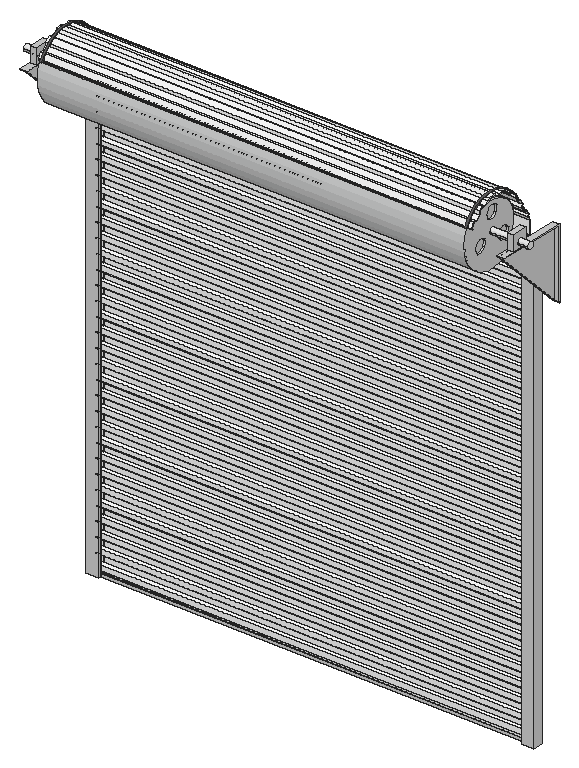
Revit family "Doors_Industrial_Overhead-Door-Corporation_ProStar-Rolling-Steel-Sheet-Doors-780CD_", category Specialty Equipment, host Wall, Revit 2019
Family settings
  Host = Wall
  Round Connector Dimension = Use Diameter
  Part Type = Normal
  OmniClass Number = 23.30.10.21.34
  OmniClass Title = Industrial Doors
  Always vertical = Yes
  Cut with Voids When Loaded = No
  Shared = No
  Room Calculation Point = No
Parameters (values of type "‏​Manual push-up")
  True Opening Width [instance] = Clear Width  # 100"
  True Opening Height [instance] = Clear Height  # 100"
  Slat Height = 3 91/256" * 3  # 10 17/256"
  Product Page URL = "https://www.overheaddoor.com/rolling-steel-sheet-doors-780cd"
  Slat Length [instance] = [Opening Width (Real)] + 1/4" * 2 + 1 77/256" * 2  # 103 13/128"
  Opening Width [instance] = 100"
  Opening Height [instance] = 100"
  Min Opening Width [instance] = 96"  # constant formula
  Min Opening Height [instance] = 96"  # constant formula
  Max Opening Width [instance] = 192"  # constant formula
  Max Opening Height [instance] = 192"  # constant formula
  Headroom Height [instance] = 22"  # constant formula
  Opening Width (Real) [instance] = if(Opening Width < Min Opening Width, Min Opening Width, if(Opening Width > Max Opening Width, Max Opening Width, Opening Width))  # 100"
  Opening Height (Real) [instance] = if(Opening Height < Min Opening Height, Min Opening Height, if(Opening Height > Max Opening Height, Max Opening Height, Opening Height))  # 100"
  URL = "https://www.overheaddoor.com/"
  Product data url = "https://www.bimobject.com/overhead-door/product/rolling-steel-sheet-doors-780cd"
  Product Guid = "8ccebe07-a271-479c-8dcb-95e84ee5aac9"
  Model = "780CD"  # constant formula
  Manufacturer = "Overhead Door Corporation"  # constant formula
  Wall Closure = By host
  Floor To (CL) of Shaft [instance] = [Opening Height (Real)] + 13 95/128"  # 113 95/128"
  Finish Material = Metal - Overhead Door - Galvanized Steel
  Description = "MODEL 780CD COMMERCIAL ROLLING SHEET DOOR"  # constant formula
  Curtain Material [instance] = Steel - Overhead Door - White
  Connection Offset [instance] = [Floor To (CL) of Shaft] - Array Length - 1 3/16" + 1/256"  # 11 229/256"
  Clear Width [instance] = [Opening Width (Real)]  # 100"
  Clear Height [instance] = [Opening Height (Real)]  # 100"
  Chain Hoist = no
  Backroom Depth [instance] = 20"  # constant formula
  Array Length [instance] = (Array) * Slat Height  # 100 85/128"
  Array [instance] = rounddown(([Opening Height (Real)] - 1 3/16" + 11 145/256") / Slat Height)  # 10
Types (2): name | Chain Hoist
  ‏​Manual push-up | no
  Chain Hoist | yes
Reference planes (in)
  plane 1 "Center (Front/Back)": y = 0
  plane 2 "Center (Left/Right)": x = 0
  plane 3 "Left": x = -50
  plane 4 "Right": x = 50
  plane 5 "Exterior": y = 1.5
  plane 6 "Interior": y = -4.5
  plane 7: x = 50
  plane 8: x = -50
  plane 9: z = 100
  plane 10 "Top": z = 122
  plane 11 "Main": y = -5.75
  plane 12: y = -24.5
  plane 13 "Main Door Block": y = -4.5
  plane 14: z = 47.47
  plane 15 "Bottom Bar": z = 1.1875
  plane 16: x = 52.5
  plane 17: x = -52.5
  plane 18: y = -5.253
  plane 19: y = -6.048
  plane 20: z = 101.85156
  plane 21: z = 113.74219
  plane 22: z = 11.25391
Lines and regions (in)
  Opening 1
    outline origin (-90, -4.5, 0) x (1, 0, 0) y (0, 0, 1)
      loop
        line (40, 0) -> (140, 0) -> (140, 100) -> (40, 100) -> (40, 0)
Text (in)
  text "Exterior" at (-74.96733, 27.31104, 0), in view "Ref. Level"
  text "Interior" at (-74.96733, -25.14366, 0), in view "Ref. Level"
  text "Exterior" at (0, 40.15149, 123.01588), in view "Right"
  text "Interior" at (0, -64.39139, 123.01588), in view "Right"
  text "Interior" at (0, -31.01599, 123.00693), in view "Left"
  text "Exterior" at (0, 54.57065, 123.00693), in view "Left"
Dimensions and locks (in)
  equal spacing: plane 3 "Left", plane 2 "Center (Left/Right)", plane 4 "Right"
  level to host wall = 459.59655"
  "Opening Height (Real)": level to plane 9
  plane 8 to plane 2 "Center (Left/Right)" to plane 7 = 50", 50"
  "Headroom Height": plane 9 to plane 10 "Top"
  locked: plane 13 "Main Door Block" to plane 11 "Main" at 1.25
  locked: plane 1 "Center (Front/Back)" to plane 6 "Interior" at 4.5
  locked: plane 8 to plane 17 at 2.5
  locked: plane 16 to plane 7 at 2.5
  locked: plane 5 "Exterior" to plane 1 "Center (Front/Back)" at 1.5
  equal spacing: plane 7, plane 2 "Center (Left/Right)", plane 8
  locked: plane 18 to plane 11 "Main" at 0.497
  "Opening Width (Real)": plane 7 to plane 8
  "Backroom Depth": plane 12 to plane 6 "Interior"
  locked: plane 11 "Main" to plane 19 at 0.298
  plane 19 to plane 11 "Main" = 0.298"
  locked: plane 15 "Bottom Bar" to level at 1.1875
  "Array Length": plane 20 to plane 15 "Bottom Bar"
  "Floor To (CL) of Shaft": plane 21 to level
  "Slat Height": plane 22 to plane 15 "Bottom Bar"
  equal spacing: group 1, group 2, group 3, group 4, group 5, group 6, group 7, group 8, group 9, group 10  (x3)
  plane 21 to plane 9 = 13 95/128"
  locked: plane 12 to nested 3 at 8.418
  locked: plane 12 to nested 13 at 8.257
  aligned and locked: Opening 1 sketch curve to level
  aligned and locked: plane 5 "Exterior" to host wall
  aligned and locked: host wall to plane 6 "Interior"
  aligned and locked: plane 8 to Opening 1 sketch curve
  aligned and locked: plane 7 to Opening 1 sketch curve
  aligned and locked: Opening 1 sketch curve to plane 9
  aligned and locked: plane 13 "Main Door Block" to plane 6 "Interior"
  aligned and locked: plane 21 to nested 3
  aligned and locked: plane 2 "Center (Left/Right)" to nested 3
  aligned and locked: plane 15 "Bottom Bar" to nested 2
  aligned and locked: plane 22 to nested 4
  aligned and locked: plane 19 to nested 2
  aligned and locked: plane 19 to nested 4
  aligned and locked: plane 2 "Center (Left/Right)" to nested 2
  aligned and locked: plane 2 "Center (Left/Right)" to nested 4
  aligned and locked: nested 1 to plane 6 "Interior"
  aligned and locked: level to nested 1
  aligned and locked: nested 1 to plane 2 "Center (Left/Right)"
  aligned and locked: plane 7 to nested 13
  aligned and locked: plane 21 to nested 13
Nested families (in)
  nested 1: "Lifts" at (0, -4.5, 0) x (-1, 0, 0) z (0, 0, 1), type "Frame Unit"
  nested 2: "Slat" at (0, -6.048, 1.1875), type "Slat"
  nested 3: "Top Slat" at (0, -16.082, 113.74219), type "Top Slat"
  nested 4: "Slat" at (0, -6.048, 11.25391), type "Slat"
  nested 5: "Slat" at (0, -6.048, 21.32031), type "Slat"
  nested 6: "Slat" at (0, -6.048, 31.38672), type "Slat"
  nested 7: "Slat" at (0, -6.048, 41.45313), type "Slat"
  nested 8: "Slat" at (0, -6.048, 51.51953), type "Slat"
  nested 9: "Slat" at (0, -6.048, 61.58594), type "Slat"
  nested 10: "Slat" at (0, -6.048, 71.65234), type "Slat"
  nested 11: "Slat" at (0, -6.048, 81.71875), type "Slat"
  nested 12: "Slat" at (0, -6.048, 91.78516), type "Slat"
  nested 13: "Operator" at (50, -16.243, 113.74219), type "Family1"
Definition of nested family "Lifts"
  Parameters (values of type "Frame Unit")
    Shaft Radius = 3/4"  # constant formula
    Shaft Material = none
    Setback = 1/4"  # constant formula
    Right Shaft Offset = 10"
    Resin Support Outter Radius = 8.257"  # constant formula
    Resin Support Inner Radius = 8.187"  # constant formula
    Resin Stopper Radius = 1 1/2"  # constant formula
    Resin Elements Material = none
    Opening Width = 100"
    Resin Muft Offset = 2.141"  # constant formula
    Muft Outter Radius = 8.257"  # constant formula
    Muft Inner Radius = 6 3/8"  # constant formula
    Left Shaft Offset = 10"
    J Offset = 11.743"  # constant formula
    Headroom Height = 22"
    Header Width = 20"
    H = 12.243"  # constant formula
    Guide Width R Real = Guid Width + Setback  # 3 1/4"
    Guide Width L Real = Guid Width + Setback  # 3 1/4"
    Guid Width = 3"  # constant formula
    Opening Height = 100"
    Floor To (CL) of Shaft = Opening Height + 13.742"  # 113.742"
    Finish Material = none
    Analytic Construction = "<None>"
  Reference planes (in)
    plane 1 "Center (Front/Back)": y = 0
    plane 2: z = 0
    plane 3 "Center (Left/Right)": x = 0
    plane 4 "Left": x = -50
    plane 5 "Right": x = 50
    plane 6 "Opening Height": z = 100
    plane 7: x = -60
    plane 8: x = 60
    plane 9: z = 122
    plane 10: y = 20
    plane 11: x = -25
    plane 12: x = 25
    plane 13: z = 113.742
    plane 14: y = 11.743
    plane 15: x = -51.55
    plane 16: x = 51.55
    plane 17: x = 53.25
    plane 18: x = -53.25
    plane 19: z = 112.243
    plane 20: x = 57
    plane 21: x = 50.75
    plane 22: x = -50.75
  Forms (in)
    Extrusion 1, solid, material <- "Finish Material"
      sketch origin (0, 0, 0) x (1, 0, 0) y (0, 1, 0)
        loop
          line (-53.25, 0) -> (-50.375, 0)
          arc (-50.375, 0) -> (-50.28661, 0.03661) -> (-50.25, 0.125) r 0.125
          line (-50.25, 0.125) -> (-50.25, 0.625)
          arc (-50.25, 0.625) -> (-50.26831, 0.66919) -> (-50.3125, 0.6875) r 0.0625
          line (-50.3125, 0.6875) -> (-51.55, 0.6875) -> (-51.55, 1.78125) -> (-50.325, 1.78125)
          arc (-50.325, 1.78125) -> (-50.27197, 1.80322) -> (-50.25, 1.85625) r 0.075
          line (-50.25, 1.85625) -> (-50.25, 2.21875)
          arc (-50.25, 2.21875) -> (-50.28661, 2.30714) -> (-50.375, 2.34375) r 0.125
          line (-50.375, 2.34375) -> (-53.25, 2.34375) -> (-53.25, 0)
        loop
          line (53.25, 0) -> (53.25, 2.34375) -> (50.3625, 2.34375)
          arc (50.3625, 2.34375) -> (50.28295, 2.3108) -> (50.25, 2.23125) r 0.1125
          line (50.25, 2.23125) -> (50.25, 1.85625)
          arc (50.25, 1.85625) -> (50.27197, 1.80322) -> (50.325, 1.78125) r 0.075
          line (50.325, 1.78125) -> (51.55, 1.78125) -> (51.55, 0.6875) -> (50.3125, 0.6875)
          arc (50.3125, 0.6875) -> (50.26831, 0.66919) -> (50.25, 0.625) r 0.0625
          line (50.25, 0.625) -> (50.25, 0.125)
          arc (50.25, 0.125) -> (50.28661, 0.03661) -> (50.375, 0) r 0.125
          line (50.375, 0) -> (53.25, 0)
      from 100 to 0
    Extrusion 2, solid, material <- "Finish Material"
      sketch origin (0, 0, 0) x (0, 1, 0) y (0, 0, 1)
        loop
          line (2.0625, 1) -> (2.0625, 1.1875) -> (1.45087, 1.1875) -> (1.45087, 2.125) -> (-0.15187, 2.125) -> (-0.3125, 1.96437) -> (-0.3125, 1.34813) -> (-0.15187, 1.1875) -> (0, 1.1875) -> (0, 1) -> (2.0625, 1)
      from -51.55 to 51.55
    Extrusion 3, solid, material <- "Finish Material"
      sketch origin (0, 0, 0) x (0, 1, 0) y (0, 0, 1)
        loop
          line (0.73437, 1) -> (0.73437, 0) -> (1.73437, 0) -> (1.73437, 1) -> (0.73437, 1)
      from -51.55 to 51.55
    Extrusion 4, solid, material <- "Shaft Material"
      sketch origin (0, 0, 0) x (0, 1, 0) y (0, 0, 1)
        loop
          circle (11.743, 113.742) r 0.75
      from -60 to 60
    Extrusion 5, solid, material <- "Finish Material"
      sketch origin (-53.25, 0, 100) x (0, 0, 1) y (0, -1, 0)
        loop
          line (12.243, -13.568) -> (15.893, -13.568) -> (15.893, -9.918) -> (12.243, -9.918) -> (12.243, 0) -> (-4.5, 0) -> (12.243, -16.743) -> (12.243, -13.568)
      from -4.25 to -2.75
    Extrusion 6, solid, material <- "Finish Material"
      sketch origin (53.25, 0, 100) x (0, 0, 1) y (0, -1, 0)
        loop
          line (12.243, -13.568) -> (15.893, -13.568) -> (15.893, -9.918) -> (12.243, -9.918) -> (12.243, 0) -> (-4.5, 0) -> (12.243, -16.743) -> (12.243, -13.568)
      from 4.25 to 2.75
    Extrusion 7, void
      sketch origin (0, 0, 0) x (1, 0, 0) y (0, 1, 0)
        loop
          line (50, -0.3125) -> (51.55, -0.3125) -> (51.55, 0.125) -> (50, 0.125) -> (50, -0.3125)
        loop
          line (-50, -0.3125) -> (-50, 0.125) -> (-51.55, 0.125) -> (-51.55, -0.3125) -> (-50, -0.3125)
      from 0 to 2.125
    Extrusion 8, solid, material <- "Finish Material"
      sketch origin (0, 11.743, 113.742) x (0, 0.906308, 0.422618) y (0, -0.422618, 0.906308)
        loop
          arc (6.375, 0) -> (0, 6.375) -> (-6.375, 0) r 6.375
          line (-6.375, 0) -> (-8.257, 0)
          arc (-8.257, 0) -> (0, -8.257) -> (8.257, 0) r 8.257
          line (8.257, 0) -> (6.375, 0)
        loop
          circle (1.658, 3.5556) r 1.625
        loop
          circle (2.25024, -3.21367) r 1.625
        loop
          circle (-3.90824, -0.34193) r 1.625
      from 50.75 to -50.75
    Extrusion 9, solid, material <- "Finish Material"
      sketch origin (0, 0, 0) x (0, 1, 0) y (0, 0, 1)
        loop
          circle (11.743, 113.742) r 6.375
      from -50 to 50
    Extrusion 10, void
      sketch origin (53.25, 0, 100) x (0, 0, 1) y (-1, 0, 0)
        loop
          line (11.963, -3.03) -> (-4.5, -3.03) -> (-4.5, -4.25) -> (11.963, -4.25) -> (11.963, -3.03)
        loop
          line (15.893, -4.25) -> (15.893, -4.1749) -> (12.243, -4.1749) -> (12.243, -4.25) -> (15.893, -4.25)
        loop
          line (15.893, -2.75) -> (12.243, -2.75) -> (12.243, -2.8251) -> (15.893, -2.8251) -> (15.893, -2.75)
      from -0.28 to -16.743
    Extrusion 11, void
      sketch origin (-53.25, 0, 100) x (0, 0, -1) y (-1, 0, 0)
        loop
          line (-11.963, 3.03) -> (4.5, 3.03) -> (4.5, 4.25) -> (-11.963, 4.25) -> (-11.963, 3.03)
        loop
          line (-15.893, 4.25) -> (-15.893, 4.1749) -> (-12.243, 4.1749) -> (-12.243, 4.25) -> (-15.893, 4.25)
        loop
          line (-15.893, 2.75) -> (-12.243, 2.75) -> (-12.243, 2.8251) -> (-15.893, 2.8251) -> (-15.893, 2.75)
      from 0.28 to 16.743
    Sweep 12, solid, material <- "Resin Elements Material"
      path origin (0, 0, 0) x (0, 1, 0) y (0, 0, 1)
        loop
          line (0.6875, 0) -> (0.6875, 111.601) -> (4.73157, 118.10295)
          arc (4.73157, 118.10295) -> (12.2385, 121.98412) -> (19.22638, 117.23156) r 8.257
      profile origin (0, 0.6875, 55.8005) x (0, -1, 0) y (1, 0, 0)
        loop
          line (0, 50.25) -> (0, 50.75) -> (-0.07, 50.75) -> (-0.07, 50.25) -> (0, 50.25)
        loop
          line (0, -50.25) -> (-0.07, -50.25) -> (-0.07, -50.75) -> (0, -50.75) -> (0, -50.25)
  Cuts and joins
    Extrusion 11 cuts Extrusion 5
    Extrusion 10 cuts Extrusion 6
    joined: Extrusion 5, Extrusion 6
    Extrusion 7 cuts Extrusion 2
  Lines and regions (in)
    Masking region 1
      outline origin (0, 0, 0) x (1, 0, 0) y (0, 1, 0)
        loop
          line (-51.55, 2.34375) -> (-53.25, 2.34375) -> (-53.25, 0) -> (-51.55, 0) -> (-51.55, 2.34375)
        loop
          line (51.55, 2.34375) -> (51.55, 0) -> (53.25, 0) -> (53.25, 2.34375) -> (51.55, 2.34375)
    Masking region 2
      outline origin (0, 0, 0) x (1, 0, 0) y (0, 1, 0)
        loop
          line (60, 10.993) -> (60, 12.493) -> (57.4249, 12.493) -> (57.4249, 13.568) -> (56.0751, 13.568) -> (56.0751, 12.493) -> (51.55, 12.493) -> (51.55, 10.993) -> (56.0751, 10.993) -> (56.0751, 9.918) -> (57.4249, 9.918) -> (57.4249, 10.993) -> (60, 10.993)
        loop
          line (-60, 10.993) -> (-57.4249, 10.993) -> (-57.4249, 9.918) -> (-56.0751, 9.918) -> (-56.0751, 10.993) -> (-51.55, 10.993) -> (-51.55, 12.493) -> (-56.0751, 12.493) -> (-56.0751, 13.568) -> (-57.4249, 13.568) -> (-57.4249, 12.493) -> (-60, 12.493) -> (-60, 10.993)
    Masking region 3
      outline origin (0, 0, 0) x (1, 0, 0) y (0, 1, 0)
        loop
          line (-56, 0) -> (-56, 16.743) -> (-57.5, 16.743) -> (-57.5, 0) -> (-56, 0)
        loop
          line (56, 16.743) -> (56, 0) -> (57.5, 0) -> (57.5, 16.743) -> (56, 16.743)
    Masking region 4
      outline origin (0, 0, 0) x (1, 0, 0) y (0, 1, 0)
        loop
          line (-53.25, 2.34375) -> (-53.25, 0) -> (-50.375, 0)
          arc (-50.375, 0) -> (-50.28661, 0.03661) -> (-50.25, 0.125) r 0.125
          line (-50.25, 0.125) -> (-50.25, 0.625)
          arc (-50.25, 0.625) -> (-50.26831, 0.66919) -> (-50.3125, 0.6875) r 0.0625
          line (-50.3125, 0.6875) -> (-51.55, 0.6875) -> (-51.55, 1.78125) -> (-50.75, 1.78125) -> (-50.75, 2.34375) -> (-53.25, 2.34375)
        loop
          line (53.25, 2.34375) -> (50.75, 2.34375) -> (50.75, 1.78125) -> (51.55, 1.78125) -> (51.55, 0.6875) -> (50.3125, 0.6875)
          arc (50.3125, 0.6875) -> (50.26831, 0.66919) -> (50.25, 0.625) r 0.0625
          line (50.25, 0.625) -> (50.25, 0.125)
          arc (50.25, 0.125) -> (50.28661, 0.03661) -> (50.375, 0) r 0.125
          line (50.375, 0) -> (53.25, 0) -> (53.25, 2.34375)
    Masking region 5
      outline origin (0, 0, 0) x (1, 0, 0) y (0, 1, 0)
        loop
          line (-50.75, 19.22638) -> (-50.75, 0.6875) -> (-50.25, 0.6875) -> (-50.25, 19.22638) -> (-50.75, 19.22638)
        loop
          line (50.25, 0.6875) -> (50.75, 0.6875) -> (50.75, 19.22638) -> (50.25, 19.22638) -> (50.25, 0.6875)
    reference lines
      curve 1: line (53.25, 0, 100) -> (53.25, 0, 109.583)
      curve 2: line (-53.25, 0, 100) -> (-53.25, 0, 109.583)
      curve 3: line (0, 11.743, 113.742) -> (0, 20, 117.5923)
    symbolic lines
      curve 4: line (56.0751, 9.918, 0) -> (56.0751, 13.568, 0)
      curve 5: line (57.4249, 13.568, 0) -> (57.4249, 9.918, 0)
      curve 6: line (-57.4249, 9.918, 0) -> (-57.4249, 13.568, 0)
      curve 7: line (-56.0751, 13.568, 0) -> (-56.0751, 9.918, 0)
  Dimensions and locks (in)
    equal spacing: plane 4 "Left", plane 3 "Center (Left/Right)", plane 5 "Right"
    "Opening Width": plane 4 "Left" to plane 5 "Right"
    "Opening Height": plane 6 "Opening Height" to level
    "Guide Width L Real": Extrusion 1 sketch curve to plane 4 "Left"
    locked: Extrusion 1 sketch curve to Extrusion 1 sketch curve at 2.34375
    "Headroom Height": plane 9 to plane 6 "Opening Height"
    plane 10 to plane 1 "Center (Front/Back)" = 20"
    "Header Width": plane 10 to plane 1 "Center (Front/Back)"
    locked: Extrusion 1 sketch curve to Extrusion 1 sketch curve at 0.5625
    locked: Extrusion 1 sketch curve to Extrusion 1 sketch curve at 0.6875
    locked: Extrusion 3 sketch curve to level at 1
    locked: Extrusion 2 sketch curve to level at 2.125
    locked: Extrusion 2 sketch curve to level at 1.1875
    locked: Extrusion 2 sketch curve to Extrusion 2 sketch curve at 1.125
    locked: Extrusion 2 sketch curve to Extrusion 2 sketch curve at 0.16063  (x2)
    locked: Extrusion 7 sketch curve to plane 1 "Center (Front/Back)" at 0.3125  (x2)
    locked: plane 1 "Center (Front/Back)" to Extrusion 7 sketch curve at 0.125
    equal spacing: plane 4 "Left", plane 11, plane 3 "Center (Left/Right)"
    equal spacing: plane 5 "Right", plane 12, plane 3 "Center (Left/Right)"
    "Floor To (CL) of Shaft": plane 13 to plane 2
    "J Offset": plane 14 to plane 1 "Center (Front/Back)"
    locked: curve 1 to curve 1 at 9.583
    locked: curve 2 to curve 2 at 9.583
    "Setback": Extrusion 1 sketch curve to plane 4 "Left"
    locked: Extrusion 1 sketch curve to Extrusion 1 sketch curve at 1.3  (x2)
    "Setback": plane 5 "Right" to Extrusion 1 sketch curve
    "Guide Width R Real": plane 5 "Right" to Extrusion 1 sketch curve
    locked: plane 15 to plane 4 "Left" at 1.55
    locked: plane 5 "Right" to plane 16 at 1.55
    "Guide Width R Real": plane 5 "Right" to plane 17
    "Guide Width L Real": plane 18 to plane 4 "Left"
    "Left Shaft Offset": plane 7 to plane 4 "Left"
    "Right Shaft Offset": plane 5 "Right" to plane 8
    locked: plane 1 "Center (Front/Back)" to Extrusion 3 sketch curve at 0.73437
    locked: Extrusion 3 sketch curve to Extrusion 3 sketch curve at 1
    "H": plane 19 to plane 6 "Opening Height"
    plane 5 "Right" to plane 20 = 7"
    locked: plane 5 "Right" to plane 21 at 0.75
    locked: plane 22 to plane 4 "Left" at 0.75
    locked: plane 14 to Extrusion 6 sketch curve at 5
    locked: plane 14 to Extrusion 5 sketch curve at 5
    equal spacing: Extrusion 6 sketch curve, plane 14, Extrusion 6 sketch curve
    locked: Extrusion 6 sketch curve to plane 14 at 1.825
    locked: Extrusion 6 sketch curve to plane 13 at 2.151
    equal spacing: Extrusion 5 sketch curve, plane 14, Extrusion 5 sketch curve
    locked: Extrusion 5 sketch curve to plane 14 at 1.825
    locked: Extrusion 5 sketch curve to plane 13 at 2.151
    locked: plane 1 "Center (Front/Back)" to Sweep 12 sketch curve at 0.6875
    locked: Sweep 12 sketch curve to Sweep 12 sketch curve at 0.07
    "Resin Muft Offset": plane 13 to Sweep 12 sketch curve
    "Setback": plane 5 "Right" to Sweep 12 sketch curve
    "Setback": Sweep 12 sketch curve to plane 4 "Left"
    equal spacing: Masking region 2 sketch curve, plane 14, Masking region 2 sketch curve
    "Shaft Radius": Masking region 2 sketch curve to plane 14
    radius of Extrusion 1 sketch curve = 1/16"  (x2)
    radius of Extrusion 1 sketch curve = 1/8"  (x3)
    radius of Extrusion 1 sketch curve = 0.075"  (x2)
    radius of Extrusion 1 sketch curve = 0.1125"
    "Shaft Radius": radius of Extrusion 4 sketch curve
    "Muft Inner Radius": radius of Extrusion 8 sketch curve
    "Muft Outter Radius": radius of Extrusion 8 sketch curve
    "Muft Inner Radius": radius of Extrusion 9 sketch curve
    "Resin Support Outter Radius": radius of Sweep 12 sketch curve
    locked: plane 13 to curve 3 (angle 25.00°)
    locked: Extrusion 6 sketch curve to Extrusion 6 sketch curve (angle 45.00°)
    locked: plane 19 to Extrusion 5 sketch curve (angle 45.00°)
    aligned and locked: plane 2 to level
    aligned and locked: plane 1 "Center (Front/Back)" to Extrusion 1 sketch curve
    aligned and locked: Extrusion 1 sketch curve to plane 1 "Center (Front/Back)"
    aligned and locked: Extrusion 1 sketch curve to Extrusion 1 sketch curve  (x5)
    aligned and locked: plane 7 to Extrusion 4
    aligned and locked: Extrusion 4 to plane 8
    aligned and locked: plane 6 "Opening Height" to Extrusion 1
    aligned and locked: Extrusion 3 sketch curve to level
    aligned and locked: Extrusion 2 sketch curve to Extrusion 2 sketch curve
    aligned and locked: Extrusion 7 sketch curve to plane 5 "Right"
    aligned and locked: Extrusion 7 sketch curve to plane 4 "Left"
    aligned and locked: Extrusion 7 sketch curve to Extrusion 7 sketch curve
    aligned and locked: plane 13 to Extrusion 4 sketch curve
    aligned and locked: plane 14 to Extrusion 4 sketch curve
    aligned and locked: plane 6 "Opening Height" to curve 1
    aligned and locked: plane 6 "Opening Height" to curve 2
    aligned and locked: Extrusion 7 sketch curve to plane 15
    aligned and locked: plane 15 to Extrusion 3
    aligned and locked: plane 15 to cut or joined group of Extrusion 2, Extrusion 7
    aligned and locked: Extrusion 3 to plane 16
    aligned and locked: cut or joined group of Extrusion 2, Extrusion 7 to plane 16
    aligned and locked: Extrusion 7 sketch curve to plane 16
    aligned and locked: curve 1 to plane 17
    aligned and locked: curve 2 to plane 18
    aligned and locked: Extrusion 1 to Masking region 1 sketch curve  (x2)
    aligned and locked: Masking region 1 sketch curve to Extrusion 1  (x4)
    aligned and locked: plane 14 to Extrusion 8 sketch curve
    aligned and locked: plane 13 to Extrusion 8 sketch curve
    aligned and locked: plane 14 to curve 3
    aligned and locked: plane 10 to curve 3
    aligned and locked: curve 3 to Extrusion 8 sketch curve
    aligned and locked: Extrusion 8 sketch curve to curve 3
    aligned and locked: plane 14 to Extrusion 9 sketch curve
    aligned and locked: plane 13 to Extrusion 9 sketch curve
    aligned and locked: Extrusion 8 to plane 21
    aligned and locked: Extrusion 9 to plane 5 "Right"
    aligned and locked: Extrusion 8 to plane 22
    aligned and locked: plane 4 "Left" to Extrusion 9
    aligned and locked: Extrusion 6 sketch curve to plane 19  (x2)
    aligned and locked: plane 1 "Center (Front/Back)" to Extrusion 6 sketch curve
    aligned and locked: Extrusion 5 sketch curve to plane 19  (x2)
    aligned and locked: plane 1 "Center (Front/Back)" to Extrusion 5 sketch curve
    aligned and locked: level to Sweep 12 sketch curve
    aligned and locked: Sweep 12 sketch curve to profile plane
    aligned and locked: Sweep 12 sketch curve to plane 21
    aligned and locked: Sweep 12 sketch curve to Sweep 12 sketch curve  (x2)
    aligned and locked: Sweep 12 sketch curve to plane 22
    aligned and locked: plane 13 to Sweep 12 sketch curve
    aligned and locked: plane 14 to Sweep 12 sketch curve
    aligned and locked: curve 3 to Sweep 12 sketch curve
    aligned and locked: Masking region 2 sketch curve to plane 8
    aligned and locked: cut or joined group of Extrusion 5, Extrusion 6, Extrusion 10, Extrusion 11 to Masking region 2 sketch curve  (x4)
    aligned and locked: Masking region 2 sketch curve to cut or joined group of Extrusion 5, Extrusion 6, Extrusion 10, Extrusion 11  (x8)
    aligned and locked: Masking region 2 sketch curve to plane 7
    aligned and locked: Masking region 2 sketch curve to Masking region 2 sketch curve  (x6)
    aligned and locked: Masking region 3 sketch curve to cut or joined group of Extrusion 5, Extrusion 6, Extrusion 10, Extrusion 11  (x8)
    aligned and locked: curve 4 to cut or joined group of Extrusion 5, Extrusion 6, Extrusion 10, Extrusion 11  (x2)
    aligned and locked: curve 5 to cut or joined group of Extrusion 5, Extrusion 6, Extrusion 10, Extrusion 11  (x2)
    aligned and locked: cut or joined group of Extrusion 5, Extrusion 6, Extrusion 10, Extrusion 11 to curve 5
    aligned and locked: cut or joined group of Extrusion 5, Extrusion 6, Extrusion 10, Extrusion 11 to curve 4
    aligned and locked: curve 6 to cut or joined group of Extrusion 5, Extrusion 6, Extrusion 10, Extrusion 11  (x2)
    aligned and locked: curve 7 to cut or joined group of Extrusion 5, Extrusion 6, Extrusion 10, Extrusion 11  (x2)
    aligned and locked: cut or joined group of Extrusion 5, Extrusion 6, Extrusion 10, Extrusion 11 to curve 6
    aligned and locked: cut or joined group of Extrusion 5, Extrusion 6, Extrusion 10, Extrusion 11 to curve 7
    aligned and locked: Masking region 4 sketch curve to Extrusion 1  (x12)
    aligned and locked: Extrusion 1 to Masking region 4 sketch curve  (x2)
    aligned and locked: Sweep 12 to Masking region 4 sketch curve  (x2)
    aligned and locked: Masking region 5 sketch curve to Sweep 12  (x8)
    aligned and locked: Masking region 2 sketch curve to plane 15
    aligned and locked: Masking region 2 sketch curve to plane 16
  Automatic sketch dimensions
    Extrusion 2 sketch curve to plane 1 "Center (Front/Back)" = 0"
    plane 1 "Center (Front/Back)" to Extrusion 2 sketch curve = 0.15187"  (x2)
    Extrusion 2 sketch curve to Extrusion 2 sketch curve = 0.16063"
    Extrusion 2 sketch curve to plane 1 "Center (Front/Back)" = 1.45088"
    Extrusion 2 sketch curve to Extrusion 2 sketch curve = 0.61162"
    plane 1 "Center (Front/Back)" to Masking region 1 sketch curve = 0"
    Masking region 1 sketch curve to plane 1 "Center (Front/Back)" = 2 11/32"
    curve 3 to plane 13 = 0"
    curve 2 to Extrusion 11 sketch curve = 2.8251"
    Extrusion 11 sketch curve to curve 2 = 6.31"
    Extrusion 11 sketch curve to Extrusion 11 sketch curve = 0"  (x2)
    Extrusion 11 sketch curve to curve 2 = 2.66"
    Extrusion 11 sketch curve to Extrusion 11 sketch curve = 0.28"
    curve 2 to Extrusion 11 sketch curve = 4 1/2"
    Extrusion 11 sketch curve to Extrusion 11 sketch curve = 0.0751"  (x2)
    curve 2 to Extrusion 11 sketch curve = 3.03"
    Extrusion 11 sketch curve to Extrusion 11 sketch curve = 1.1449"
    Extrusion 11 sketch curve to Extrusion 11 sketch curve = 1.22"
    Extrusion 10 sketch curve to curve 1 = 4 1/2"
    curve 1 to Extrusion 10 sketch curve = 2.38"
    Extrusion 10 sketch curve to Extrusion 10 sketch curve = 0.28"  (x2)
    Extrusion 10 sketch curve to Extrusion 10 sketch curve = 3.65"
    Extrusion 10 sketch curve to Extrusion 10 sketch curve = 0"  (x2)
    curve 1 to Extrusion 10 sketch curve = 4 1/4"
    Extrusion 10 sketch curve to Extrusion 10 sketch curve = 0.0751"  (x2)
    Extrusion 10 sketch curve to Extrusion 10 sketch curve = 1.1449"
    Extrusion 10 sketch curve to Extrusion 10 sketch curve = 1.34981"
    Extrusion 8 sketch curve to Extrusion 8 sketch curve = 0"
    curve 3 to Extrusion 8 sketch curve = 0.34193"
    Extrusion 8 sketch curve to Extrusion 8 sketch curve = 2.46676"
    curve 3 to Extrusion 8 sketch curve = 1.658"
    curve 3 to Extrusion 8 sketch curve = 2.25024"
    Extrusion 8 sketch curve to curve 3 = 3.21367"
    curve 3 to Extrusion 8 sketch curve = 3.5556"
    radius of Extrusion 8 sketch curve = 1 5/8"  (x3)
Definition of nested family "Slat"
  Parameters (values of type "Slat")
    Slat Height = 3.354" * 3  # 10.062"
    Panel Material = none
    Opening Width = 103 13/128"
    Default Elevation = 48"
  Reference planes (in)
    plane 1 "Center (Front/Back)": y = 0
    plane 2: z = 0
    plane 3 "Center (Left/Right)": x = 0
    plane 4: z = 10.062
    plane 5: x = -51.55078
    plane 6: x = 51.55078
  Forms (in)
    Extrusion 1, solid, material <- "Panel Material"
      sketch origin (0, 0, 0) x (0, 1, 0) y (0, 0, 1)
        loop
          line (0.5962, 1.67027) -> (0.5962, 2.9709) -> (0.04, 3.375) -> (0.04, 4.62025) -> (0.5962, 5.02435) -> (0.5962, 6.32497) -> (0.04, 6.72907) -> (0.04, 7.97432) -> (0.5962, 8.37842) -> (0.5962, 9.67905) -> (0.04, 10.08315) -> (0, 10.06222) -> (0.5562, 9.65812) -> (0.5562, 8.3988) -> (0, 7.9947) -> (0, 6.70815) -> (0.5562, 6.30405) -> (0.5562, 5.04473) -> (0, 4.64063) -> (0, 3.35407) -> (0.5562, 2.94997) -> (0.5562, 1.69065) -> (0, 1.28655) -> (0, 0) -> (0.04, 0) -> (0.04, 1.26617) -> (0.5962, 1.67027)
      from -51.55078 to 51.55078
  Dimensions and locks (in)
    "Slat Height": plane 4 to plane 2
    equal spacing: plane 5, plane 3 "Center (Left/Right)", plane 6
    "Opening Width": plane 5 to plane 6
    aligned and locked: plane 2 to level
    aligned and locked: plane 5 to Extrusion 1
    aligned and locked: plane 6 to Extrusion 1
  Automatic sketch dimensions
    Extrusion 1 sketch curve to plane 1 "Center (Front/Back)" = 0"  (x4)
    Extrusion 1 sketch curve to level = 0"
    Extrusion 1 sketch curve to plane 1 "Center (Front/Back)" = 0.04"  (x3)
    Extrusion 1 sketch curve to Extrusion 1 sketch curve = 0.04"  (x4)
    Extrusion 1 sketch curve to plane 1 "Center (Front/Back)" = 0.5562"  (x3)
    level to Extrusion 1 sketch curve = 1.26617"
    Extrusion 1 sketch curve to Extrusion 1 sketch curve = 0.02038"  (x6)
    Extrusion 1 sketch curve to Extrusion 1 sketch curve = 0.4041"  (x5)
    Extrusion 1 sketch curve to Extrusion 1 sketch curve = 1.25932"  (x2)
    Extrusion 1 sketch curve to Extrusion 1 sketch curve = 0.02093"  (x5)
    Extrusion 1 sketch curve to Extrusion 1 sketch curve = 1.24525"
    Extrusion 1 sketch curve to Extrusion 1 sketch curve = 1.26617"
    Extrusion 1 sketch curve to plane 4 = 0.40388"
    plane 4 to Extrusion 1 sketch curve = 0.00022"
    plane 4 to Extrusion 1 sketch curve = 0.02115"
Definition of nested family "Top Slat"
  Parameters (values of type "Top Slat")
    Slat Height = 3.354"  # constant formula
    Primar Offset = 11 229/256"
    Panel Material = none
    Opening Width = 103 13/128"
    Offset 2 = if(Primar Offset > Slat Height * 2 + 2.175", Slat Height, 0")  # 3.354"
    Offset 1 = if(Primar Offset > Slat Height + 2.175", Slat Height, 0")  # 3.354"
    Default Elevation = 48"
    2nd Slat = if(Offset 2 = 0", 1 = 2, 1 = 1)  # yes
    1st Slat = if(Offset 1 = 0", 1 = 2, 1 = 1)  # yes
  Reference planes (in)
    plane 1 "Center (Front/Back)": y = 0
    plane 2: z = 0
    plane 3 "Center (Left/Right)": x = 0
    plane 4: x = -51.55078
    plane 5: x = 51.55078
  Forms (in)
    Extrusion 1, solid, material <- "Panel Material"
      sketch origin (0, -2.21749, 3.375) x (0, 1, 0) y (0, 0, 1)
        loop
          line (9.51468, 0.02496) -> (8.80556, 0.07603)
          arc (8.80556, 0.07603) -> (8.49868, 0.60752) -> (8.14904, 1.11191) r 7.43816
          line (8.14904, 1.11191) -> (8.2539, 1.79485) -> (7.32987, 2.71017) -> (6.64852, 2.59895)
          arc (6.64852, 2.59895) -> (6.13875, 2.94542) -> (5.60204, 3.2485) r 7.43816
          line (5.60204, 3.2485) -> (5.3989, 3.90891) -> (4.16842, 4.33026) -> (3.60357, 3.93332)
          arc (3.60357, 3.93332) -> (2.99378, 4.02311) -> (2.37865, 4.0621) r 7.43816
          line (2.37865, 4.0621) -> (1.90809, 4.56805) -> (0.61695, 4.41126) -> (0.28145, 3.80789)
          arc (0.28145, 3.80789) -> (-0.30099, 3.62505) -> (-0.86648, 3.39508) r 7.43816
          line (-0.86648, 3.39508) -> (-1.51005, 3.64652) -> (-2.60504, 2.94465) -> (-2.64527, 2.25544)
          arc (-2.64527, 2.25544) -> (-3.09055, 1.83784) -> (-3.50009, 1.38513) r 7.43816
          line (-3.50009, 1.38513) -> (-4.189, 1.33218) -> (-4.87061, 0.22447) -> (-4.72055, -0.13969) -> (-4.66641, -0.16494) -> (-4.82558, 0.22133) -> (-4.16562, 1.29386) -> (-3.48014, 1.34654)
          arc (-3.48014, 1.34654) -> (-3.0618, 1.81003) -> (-2.60586, 2.2366) r 7.39816
          line (-2.60586, 2.2366) -> (-2.56584, 2.92226) -> (-1.50563, 3.60185) -> (-0.86527, 3.35166)
          arc (-0.86527, 3.35166) -> (-0.28716, 3.58752) -> (0.30877, 3.7738) r 7.39816
          line (0.30877, 3.7738) -> (0.64255, 4.37407) -> (1.89268, 4.52589) -> (2.36089, 4.02246)
          arc (2.36089, 4.02246) -> (2.98991, 3.98329) -> (3.61331, 3.89073) r 7.39816
          line (3.61331, 3.89073) -> (4.17526, 4.28564) -> (5.36666, 3.87767) -> (5.56879, 3.22056)
          arc (5.56879, 3.22056) -> (6.11792, 2.91127) -> (6.63873, 2.55637) r 7.39816
          line (6.63873, 2.55637) -> (7.31659, 2.66703) -> (8.21127, 1.78078) -> (8.10693, 1.10124)
          arc (8.10693, 1.10124) -> (8.46647, 0.58362) -> (8.78065, 0.03728) r 7.39816
          line (8.78065, 0.03728) -> (9.49177, -0.01393) -> (10.15688, -1.08328) -> (9.89801, -1.72018) -> (10.57751, -2.81266) -> (11.26323, -2.86204) -> (11.92834, -3.93139) -> (11.66947, -4.5683) -> (12.25137, -5.50386) -> (12.25137, -8.56153) -> (12.32017, -8.56153) -> (12.29137, -8.54061) -> (12.29137, -5.49244) -> (11.7142, -4.56448) -> (11.97307, -3.92757) -> (11.28614, -2.82315) -> (10.60042, -2.77376) -> (9.94274, -1.71636) -> (10.20161, -1.07946) -> (9.51468, 0.02496)
      from -51.55078 to 51.55078
    Extrusion 2, solid, material <- "Panel Material", visible <- "1st Slat"
      sketch origin (0, 0, -11.89453) x (0, 1, 0) y (0, 0, 1)
        loop
          line (10.62998, 1.67027) -> (10.62998, 2.9709) -> (10.07378, 3.375) -> (10.03378, 3.35407) -> (10.58998, 2.94997) -> (10.58998, 1.69065) -> (10.03378, 1.28655) -> (10.03378, 0) -> (10.07378, 0) -> (10.07378, 1.26617) -> (10.62998, 1.67027)
      from -51.55078 to 51.55078
    Extrusion 3, solid, material <- "Panel Material", visible <- "2nd Slat"
      sketch origin (0, 0, -8.54053) x (0, 1, 0) y (0, 0, 1)
        loop
          line (10.62998, 1.67027) -> (10.62998, 2.9709) -> (10.07378, 3.375) -> (10.03378, 3.35407) -> (10.58998, 2.94997) -> (10.58998, 1.69065) -> (10.03378, 1.28655) -> (10.03378, 0) -> (10.07378, 0) -> (10.07378, 1.26617) -> (10.62998, 1.67027)
      from -51.55078 to 51.55078
  Lines and regions (in)
    Masking region 1
      outline origin (0, 0, 0) x (1, 0, 0) y (0, 1, 0)
        loop
          line (-51.55078, -7.08811) -> (51.55078, -7.08811) -> (51.55078, 10.58998) -> (-51.55078, 10.58998) -> (-51.55078, -7.08811)
    reference lines
      curve 1: line (0, 0, -5.18653) -> (0, 15, -5.18653)
      curve 2: line (0, 0, -8.54053) -> (0, 15, -8.54053)
      curve 3: line (0, 0, -11.89453) -> (0, 15, -11.89453)
    symbolic lines
      curve 4: line (51.55078, 10.07388, 0) -> (-51.55078, 10.07388, 0)
      curve 5: line (-51.55078, 9.75558, 0) -> (51.55078, 9.75558, 0)
      curve 6: line (-51.55078, 9.06865, 0) -> (51.55078, 9.06865, 0)
      curve 7: line (-51.55078, 8.38293, 0) -> (51.55078, 8.38293, 0)
      curve 8: line (-51.55078, 7.98412, 0) -> (51.55078, 7.98412, 0)
      curve 9: line (-51.55078, 7.29719, 0) -> (51.55078, 7.29719, 0)
      curve 10: line (-51.55078, 6.58806, 0) -> (51.55078, 6.58806, 0)
      curve 11: line (-51.55078, 6.0364, 0) -> (51.55078, 6.0364, 0)
      curve 12: line (-51.55078, 5.11238, 0) -> (51.55078, 5.11238, 0)
      curve 13: line (-51.55078, 4.43102, 0) -> (51.55078, 4.43102, 0)
      curve 14: line (-51.55078, 3.38455, 0) -> (51.55078, 3.38455, 0)
      curve 15: line (-51.55078, 3.18141, 0) -> (51.55078, 3.18141, 0)
      curve 16: line (-51.55078, 1.95093, 0) -> (51.55078, 1.95093, 0)
      curve 17: line (-51.55078, 1.38608, 0) -> (51.55078, 1.38608, 0)
      curve 18: line (-51.55078, 0.16115, 0) -> (51.55078, 0.16115, 0)
      curve 19: line (-51.55078, -0.3094, 0) -> (51.55078, -0.3094, 0)
      curve 20: line (-51.55078, -1.60054, 0) -> (51.55078, -1.60054, 0)
      curve 21: line (-51.55078, -1.93604, 0) -> (51.55078, -1.93604, 0)
      curve 22: line (-51.55078, -3.08397, 0) -> (51.55078, -3.08397, 0)
      curve 23: line (-51.55078, -3.72755, 0) -> (51.55078, -3.72755, 0)
      curve 24: line (-51.55078, -4.82253, 0) -> (51.55078, -4.82253, 0)
      curve 25: line (-51.55078, -5.71758, 0) -> (51.55078, -5.71758, 0)
      curve 26: line (-51.55078, -6.4065, 0) -> (51.55078, -6.4065, 0)
  Dimensions and locks (in)
    equal spacing: plane 4, plane 3 "Center (Left/Right)", plane 5
    "Opening Width": plane 4 to plane 5
    locked: curve 1 to curve 1 at 15
    locked: curve 2 to curve 2 at 15
    locked: curve 3 to curve 3 at 15
    "Offset 2": curve 2 to curve 1
    "Offset 1": curve 3 to curve 2
    "Primar Offset": curve 3 to level
    locked: Extrusion 1 sketch curve to Extrusion 1 sketch curve at 0.0688
    locked: Extrusion 1 sketch curve to Extrusion 1 sketch curve (angle 36.00°)
    aligned and locked: plane 2 to level
    aligned and locked: plane 4 to Extrusion 1
    aligned and locked: plane 5 to Extrusion 1
    aligned and locked: plane 1 "Center (Front/Back)" to curve 1
    aligned and locked: plane 1 "Center (Front/Back)" to curve 2
    aligned and locked: plane 1 "Center (Front/Back)" to curve 3
    aligned and locked: curve 1 to Extrusion 1 sketch curve
    aligned and locked: plane 4 to Extrusion 2
    aligned and locked: plane 5 to Extrusion 2
    aligned and locked: plane 4 to Extrusion 3
    aligned and locked: plane 5 to Extrusion 3
    aligned and locked: Masking region 1 sketch curve to plane 4
    aligned and locked: Masking region 1 sketch curve to Extrusion 1
    aligned and locked: plane 5 to Masking region 1 sketch curve
    aligned and locked: Masking region 1 sketch curve to Extrusion 3
    aligned and locked: plane 4 to curve 5
    aligned and locked: plane 4 to curve 4
    aligned and locked: plane 4 to curve 6
    aligned and locked: plane 4 to curve 7
    aligned and locked: plane 4 to curve 8
    aligned and locked: plane 4 to curve 9
    aligned and locked: plane 4 to curve 10
    aligned and locked: plane 4 to curve 11
    aligned and locked: plane 4 to curve 12
    aligned and locked: plane 4 to curve 13
    aligned and locked: plane 4 to curve 14
    aligned and locked: plane 4 to curve 15
    aligned and locked: plane 4 to curve 16
    aligned and locked: plane 4 to curve 17
    aligned and locked: plane 4 to curve 18
    aligned and locked: plane 4 to curve 19
    aligned and locked: plane 4 to curve 20
    aligned and locked: plane 4 to curve 21
    aligned and locked: plane 4 to curve 22
    aligned and locked: plane 4 to curve 23
    aligned and locked: plane 4 to curve 24
    aligned and locked: plane 4 to curve 25
    aligned and locked: plane 4 to curve 26
    aligned and locked: plane 5 to curve 26
    aligned and locked: plane 5 to curve 25
    aligned and locked: plane 5 to curve 24
    aligned and locked: plane 5 to curve 23
    aligned and locked: plane 5 to curve 22
    aligned and locked: plane 5 to curve 21
    aligned and locked: plane 5 to curve 20
    aligned and locked: plane 5 to curve 19
    aligned and locked: plane 5 to curve 18
    aligned and locked: plane 5 to curve 17
    aligned and locked: plane 5 to curve 16
    aligned and locked: plane 5 to curve 15
    aligned and locked: plane 5 to curve 14
    aligned and locked: plane 5 to curve 13
    aligned and locked: plane 5 to curve 12
    aligned and locked: plane 5 to curve 11
    aligned and locked: plane 5 to curve 10
    aligned and locked: plane 5 to curve 9
    aligned and locked: plane 5 to curve 8
    aligned and locked: plane 5 to curve 7
    aligned and locked: plane 5 to curve 6
    aligned and locked: plane 5 to curve 5
    aligned and locked: plane 5 to curve 4
  Automatic sketch dimensions
    curve 3 to Extrusion 2 sketch curve = 0"
    Extrusion 2 sketch curve to curve 3 = 4.96622"
    Extrusion 2 sketch curve to Extrusion 2 sketch curve = 0"
    Extrusion 2 sketch curve to Extrusion 2 sketch curve = 0.04"  (x3)
    Extrusion 2 sketch curve to curve 3 = 1.69065"
    Extrusion 2 sketch curve to Extrusion 2 sketch curve = 0.5162"
    Extrusion 2 sketch curve to curve 3 = 1.67027"
    Extrusion 2 sketch curve to Extrusion 2 sketch curve = 0.42448"
    Extrusion 2 sketch curve to Extrusion 2 sketch curve = 0.02038"
    Extrusion 2 sketch curve to Extrusion 2 sketch curve = 1.25932"
    Extrusion 2 sketch curve to Extrusion 2 sketch curve = 0.02093"  (x2)
    Extrusion 2 sketch curve to Extrusion 2 sketch curve = 0.4041"
    Extrusion 3 sketch curve to curve 3 = 4.96622"
    Extrusion 3 sketch curve to Extrusion 3 sketch curve = 0"
    Extrusion 3 sketch curve to Extrusion 3 sketch curve = 0.04"  (x3)
    Extrusion 3 sketch curve to Extrusion 3 sketch curve = 0.5162"
    Extrusion 3 sketch curve to curve 3 = 3.354"
    Extrusion 3 sketch curve to Extrusion 3 sketch curve = 1.26617"
    Extrusion 3 sketch curve to Extrusion 3 sketch curve = 0.02038"  (x2)
    Extrusion 3 sketch curve to Extrusion 3 sketch curve = 0.4041"  (x2)
    Extrusion 3 sketch curve to Extrusion 3 sketch curve = 1.25932"
    Extrusion 3 sketch curve to Extrusion 3 sketch curve = 0.02093"  (x2)
    Extrusion 1 sketch curve to Extrusion 1 sketch curve = 0"  (x18)
    level to Extrusion 1 sketch curve = 3.23531"
    Extrusion 1 sketch curve to Extrusion 1 sketch curve = 0.04503"
    Extrusion 1 sketch curve to Extrusion 1 sketch curve = 0.63658"
    Extrusion 1 sketch curve to Extrusion 1 sketch curve = 0.02339"
    Extrusion 1 sketch curve to Extrusion 1 sketch curve = 1.55976"
    Extrusion 1 sketch curve to Extrusion 1 sketch curve = 0.00082"
    Extrusion 1 sketch curve to Extrusion 1 sketch curve = 0.0392"
    Extrusion 1 sketch curve to Extrusion 1 sketch curve = 1.05579"
    Extrusion 1 sketch curve to Extrusion 1 sketch curve = 0.00443"
    Extrusion 1 sketch curve to Extrusion 1 sketch curve = 1.81439"
    Extrusion 1 sketch curve to Extrusion 1 sketch curve = 0.30819"
    Extrusion 1 sketch curve to Extrusion 1 sketch curve = 0.02559"
    plane 1 "Center (Front/Back)" to Extrusion 1 sketch curve = 0.32481"
    Extrusion 1 sketch curve to Extrusion 1 sketch curve = 0.01541"
    Extrusion 1 sketch curve to plane 1 "Center (Front/Back)" = 0.14339"
    Extrusion 1 sketch curve to Extrusion 1 sketch curve = 0.01776"
    Extrusion 1 sketch curve to Extrusion 1 sketch curve = 0.55511"
    Extrusion 1 sketch curve to Extrusion 1 sketch curve = 0.00684"
    Extrusion 1 sketch curve to Extrusion 1 sketch curve = 1 49/256"
    Extrusion 1 sketch curve to Extrusion 1 sketch curve = 0.03224"
    Extrusion 1 sketch curve to Extrusion 1 sketch curve = 0.20212"
    Extrusion 1 sketch curve to Extrusion 1 sketch curve = 1.06994"
    Extrusion 1 sketch curve to Extrusion 1 sketch curve = 0.67786"
    Extrusion 1 sketch curve to Extrusion 1 sketch curve = 0.01328"
    Extrusion 1 sketch curve to Extrusion 1 sketch curve = 0.79034"
    Extrusion 1 sketch curve to Extrusion 1 sketch curve = 0.04211"
    Extrusion 1 sketch curve to Extrusion 1 sketch curve = 0.06223"
    Extrusion 1 sketch curve to Extrusion 1 sketch curve = 0.04263"
    Extrusion 1 sketch curve to Extrusion 1 sketch curve = 0.63162"
    Extrusion 1 sketch curve to Extrusion 1 sketch curve = 0.0249"
    level to Extrusion 1 sketch curve = 3.36107"
    Extrusion 1 sketch curve to Extrusion 1 sketch curve = 0.68621"
    level to Extrusion 1 sketch curve = 3.39996"
    Extrusion 1 sketch curve to Extrusion 1 sketch curve = 0.02291"  (x3)
    level to Extrusion 1 sketch curve = 1.65482"
    Extrusion 1 sketch curve to Extrusion 1 sketch curve = 13/32"  (x2)
    level to Extrusion 1 sketch curve = 1.65864"
    Extrusion 1 sketch curve to Extrusion 1 sketch curve = 0.04473"  (x4)
    level to Extrusion 1 sketch curve = 2.29172"
    Extrusion 1 sketch curve to Extrusion 1 sketch curve = 0.21414"  (x2)
    level to Extrusion 1 sketch curve = 2.29554"
    level to Extrusion 1 sketch curve = 0.56234"
    level to Extrusion 1 sketch curve = 0.60124"
    level to Extrusion 1 sketch curve = 0.51296"
    Extrusion 1 sketch curve to Extrusion 1 sketch curve = 0.66281"
    level to Extrusion 1 sketch curve = 0.55185"
    Extrusion 1 sketch curve to level = 1.1933"
    Extrusion 1 sketch curve to level = 1.18948"
    Extrusion 1 sketch curve to level = 0.55639"
    Extrusion 1 sketch curve to level = 0.55257"
    Extrusion 1 sketch curve to level = 2.12886"
    Extrusion 1 sketch curve to Extrusion 1 sketch curve = 0.53717"
    Extrusion 1 sketch curve to Extrusion 1 sketch curve = 0.04"
    Extrusion 1 sketch curve to Extrusion 1 sketch curve = 0.01142"
    Extrusion 1 sketch curve to Extrusion 1 sketch curve = 0.00314"
    Extrusion 1 sketch curve to Extrusion 1 sketch curve = 1.07254"
    Extrusion 1 sketch curve to Extrusion 1 sketch curve = 0.03832"
    Extrusion 1 sketch curve to Extrusion 1 sketch curve = 0.66887"
    Extrusion 1 sketch curve to Extrusion 1 sketch curve = 0.01407"
    Extrusion 1 sketch curve to Extrusion 1 sketch curve = 0.94273"
    Extrusion 1 sketch curve to Extrusion 1 sketch curve = 0.7756"
    Extrusion 1 sketch curve to Extrusion 1 sketch curve = 0.11065"
    Extrusion 1 sketch curve to Extrusion 1 sketch curve = 0.04314"
    Extrusion 1 sketch curve to Extrusion 1 sketch curve = 0.68567"
    Extrusion 1 sketch curve to Extrusion 1 sketch curve = 0.02238"
    Extrusion 1 sketch curve to Extrusion 1 sketch curve = 0.67958"
    Extrusion 1 sketch curve to Extrusion 1 sketch curve = 0.04467"
    Extrusion 1 sketch curve to Extrusion 1 sketch curve = 0.17195"
    Extrusion 1 sketch curve to Extrusion 1 sketch curve = 0.65712"
    Extrusion 1 sketch curve to Extrusion 1 sketch curve = 0.01306"
    Extrusion 1 sketch curve to Extrusion 1 sketch curve = 1/32"
    Extrusion 1 sketch curve to Extrusion 1 sketch curve = 0.03964"
    Extrusion 1 sketch curve to Extrusion 1 sketch curve = 0.39491"
    Extrusion 1 sketch curve to Extrusion 1 sketch curve = 0.04462"
    Extrusion 1 sketch curve to Extrusion 1 sketch curve = 0.60028"
    Extrusion 1 sketch curve to Extrusion 1 sketch curve = 0.03719"
    Extrusion 1 sketch curve to Extrusion 1 sketch curve = 0.46379"
    Extrusion 1 sketch curve to Extrusion 1 sketch curve = 0.04217"
    Extrusion 1 sketch curve to Extrusion 1 sketch curve = 0.10502"
    level to Extrusion 1 sketch curve = 3.21006"
    Extrusion 1 sketch curve to Extrusion 1 sketch curve = 0.05414"
    Extrusion 1 sketch curve to Extrusion 1 sketch curve = 0.66553"
    Extrusion 1 sketch curve to Extrusion 1 sketch curve = 0.01995"
    Extrusion 1 sketch curve to Extrusion 1 sketch curve = 0.03941"
    Extrusion 1 sketch curve to Extrusion 1 sketch curve = 0.64036"
    Extrusion 1 sketch curve to Extrusion 1 sketch curve = 0.00122"
    Extrusion 1 sketch curve to Extrusion 1 sketch curve = 0.02732"
    Extrusion 1 sketch curve to Extrusion 1 sketch curve = 0.00974"
    Extrusion 1 sketch curve to Extrusion 1 sketch curve = 0.03325"
    Extrusion 1 sketch curve to Extrusion 1 sketch curve = 0.03858"
    Extrusion 1 sketch curve to Extrusion 1 sketch curve = 0.02794"
    Extrusion 1 sketch curve to Extrusion 1 sketch curve = 0.04342"
    Extrusion 1 sketch curve to Extrusion 1 sketch curve = 1.25013"
    Extrusion 1 sketch curve to Extrusion 1 sketch curve = 0.00979"
    Extrusion 1 sketch curve to Extrusion 1 sketch curve = 0.04257"
    level to Extrusion 1 sketch curve = 0.00071"
    plane 1 "Center (Front/Back)" to Extrusion 1 sketch curve = 0.00144"
    Extrusion 1 sketch curve to Extrusion 1 sketch curve = 0.63476"
    Extrusion 1 sketch curve to Extrusion 1 sketch curve = 1.23466"
    Extrusion 1 sketch curve to Extrusion 1 sketch curve = 0.03875"
    Extrusion 1 sketch curve to Extrusion 1 sketch curve = 0.36102"
    plane 1 "Center (Front/Back)" to curve 26 = 6.4065"
    curve 26 to curve 25 = 0.68892"
    curve 25 to curve 24 = 0.89505"
    curve 24 to curve 23 = 1.09499"
    curve 23 to curve 22 = 0.64357"
    curve 22 to curve 21 = 1.14793"
    curve 21 to curve 20 = 0.3355"
    plane 1 "Center (Front/Back)" to curve 19 = 0.3094"
    curve 18 to plane 1 "Center (Front/Back)" = 0.16115"
    curve 18 to curve 17 = 1.22493"
    curve 17 to curve 16 = 0.56485"
    curve 16 to curve 15 = 1 59/256"
    curve 15 to curve 14 = 13/64"
    curve 14 to curve 13 = 1.04647"
    curve 13 to curve 12 = 0.68136"
    curve 12 to curve 11 = 0.92402"
    curve 11 to curve 10 = 0.55166"
    curve 10 to curve 9 = 0.70913"
    curve 9 to curve 8 = 0.68693"
    curve 8 to curve 7 = 0.39881"
    curve 7 to curve 6 = 0.68572"
    curve 6 to curve 5 = 0.68693"
    curve 5 to curve 4 = 0.3183"
Definition of nested family "Operator"
  Parameters (values of type "Family1")
    Main Color = none
    Floor To CL = 90.66641"
    Default Elevation = 48"
    Chain Offset = 9 1/2"  # constant formula
    Chain Hoist = yes
  Reference planes (in)
    plane 1 "Center (Front/Back)": y = 0
    plane 2: z = 0
    plane 3 "Center (Left/Right)": x = 0
    plane 4: x = 3.25
    plane 5 "1": x = 4.25
    plane 6: z = -90.66641
    plane 7: z = -60.66641
  Forms (in)
    Extrusion 1, solid, material <- "Main Color", visible <- "Chain Hoist"
      sketch origin (0, 0, 0) x (0, 1, 0) y (0, 0, 1)
        loop
          line (-4.325, 1.68) -> (-4.325, -9.21792) -> (-1.5, -10.72) -> (1.5, -10.72) -> (4.325, -9.21792) -> (4.325, 1.68) -> (-4.325, 1.68)
      from 4.25 to 5.75
    Sweep 2, solid, material <- "Main Color", visible <- "Chain Hoist"
      path origin (4.25, 0, 0) x (0, 1, 0) y (0, 0, 1)
        loop
          line (-2.9125, -9.5) -> (-2.9125, -60.66641)
          arc (-2.9125, -60.66641) -> (0, -63.57891) -> (2.9125, -60.66641) r 2.9125
          line (2.9125, -60.66641) -> (2.9125, -9.5)
      profile origin (4.25, -2.9125, -35.08321) x (1, 0, 0) y (0, 1, 0)
        loop
          circle (0.75, 0) r 0.3
  Lines and regions (in)
    Masking region 1, visible <- "Chain Hoist"
      outline origin (0, 0, 0) x (1, 0, 0) y (0, 1, 0)
        loop
          line (4.25, 4.325) -> (4.25, -4.325) -> (5.75, -4.325) -> (5.75, 4.325) -> (4.25, 4.325)
  Dimensions and locks (in)
    Extrusion 1 sketch curve to Extrusion 1 sketch curve = 8.65"
    plane 3 "Center (Left/Right)" to plane 4 = 3 1/4"
    "Floor To CL": level to plane 6
    locked: plane 7 to plane 6 at 30
    "Chain Offset": level to Sweep 2 sketch curve  (x2)
    aligned and locked: plane 2 to level
    aligned and locked: Extrusion 1 to plane 5 "1"
    aligned and locked: plane 7 to Sweep 2 sketch curve  (x2)
    aligned and locked: Masking region 1 sketch curve to Extrusion 1  (x4)
  Automatic sketch dimensions
    plane 1 "Center (Front/Back)" to Extrusion 1 sketch curve = 4.325"
    plane 1 "Center (Front/Back)" to Extrusion 1 sketch curve = 1 1/2"
    Extrusion 1 sketch curve to plane 1 "Center (Front/Back)" = 1 1/2"
    Extrusion 1 sketch curve to level = 10.72"
    Extrusion 1 sketch curve to Extrusion 1 sketch curve = 1.50208"  (x2)
    level to Extrusion 1 sketch curve = 1.68"
    profile plane to Sweep 2 sketch curve = 0"
    plane 5 "1" to Sweep 2 sketch curve = 3/4"
    Sweep 2 sketch curve to plane 1 "Center (Front/Back)" = 0"
    Sweep 2 sketch curve to Sweep 2 sketch curve = 2.9125"
    radius of Sweep 2 sketch curve = 0.3"
